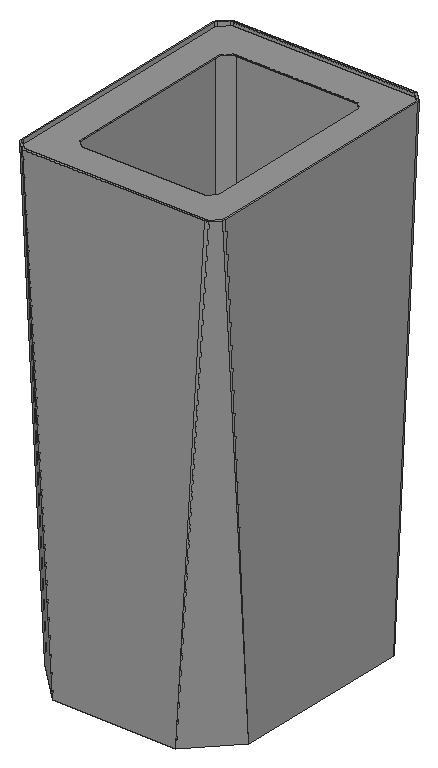
Revit family "KST-1814L-H-PL", category Furniture, Revit 2020
Family settings
  OmniClass Number = 23.40.20.00
  OmniClass Title = General Furniture and Specialties
  Work Plane-Based = No
  Always vertical = Yes
  Cut with Voids When Loaded = No
  Shared = No
  Room Calculation Point = No
Parameters (values of type "33" Tall - 14 x 18" - Planter")
  URL = "https://magnusongroup.com/products/planters/kasta.html"
  Top Material [instance] = RAL6011 GREEN
  Model = "KST-1814L-H-PL"
  Manufacturer = "Magnuson Group"
  Default Elevation = 0' - 0"
  Body Material [instance] = RAL7001 GREY
  33" Tall - 14x18 - Planter Opening = yes
  33" Tall - 14x18 - Planter = yes
Reference planes (in)
  plane 1 "Center Front/Back": y = 0
  plane 2: z = 0
  plane 3 "Center Left/Right": x = 0
  plane 4 "Bottom of Receptacle": z = 0.48416
  plane 5 "Bottom of Receptacle Void": z = 0.58572
Forms (in)
  SweptBlend 1, solid, material "RAL7001 GREY" <- "Body Material", visible <- "33" Tall - 14x18 - Planter"
    path origin (0, 0, 33.53416) x (-1, 0, 0) y (0, 0, -1)
      loop
        line (0, 0) -> (0, 33.05)
    profile origin (0, 0, 33.53416) x (0, -1, 0) y (1, 0, 0)
      loop
        line (-9, 6.22145) -> (-9, -6.22145)
        arc (-9, -6.22145) -> (-8.98097, -6.31712) -> (-8.92678, -6.39822) r 0.25
        line (-8.92678, -6.39822) -> (-8.39822, -6.92678)
        arc (-8.39822, -6.92678) -> (-8.31712, -6.98097) -> (-8.22145, -7) r 0.25
        line (-8.22145, -7) -> (8.22145, -7)
        arc (8.22145, -7) -> (8.31712, -6.98097) -> (8.39822, -6.92678) r 0.25
        line (8.39822, -6.92678) -> (8.92678, -6.39822)
        arc (8.92678, -6.39822) -> (8.98097, -6.31712) -> (9, -6.22145) r 0.25
        line (9, -6.22145) -> (9, 6.22145)
        arc (9, 6.22145) -> (8.98097, 6.31712) -> (8.92678, 6.39822) r 0.25
        line (8.92678, 6.39822) -> (8.39822, 6.92678)
        arc (8.39822, 6.92678) -> (8.31712, 6.98097) -> (8.22145, 7) r 0.25
        line (8.22145, 7) -> (-8.22145, 7)
        arc (-8.22145, 7) -> (-8.31712, 6.98097) -> (-8.39822, 6.92678) r 0.25
        line (-8.39822, 6.92678) -> (-8.92678, 6.39822)
        arc (-8.92678, 6.39822) -> (-8.98097, 6.31712) -> (-9, 6.22145) r 0.25
    end profile origin (0, 0, 0.48416) x (0, -1, 0) y (1, 0, 0)
      loop
        line (-9, 4.205) -> (-9, -4.205) -> (-6.205, -7) -> (6.205, -7) -> (9, -4.205) -> (9, 4.205) -> (6.205, 7) -> (-6.205, 7) -> (-9, 4.205)
  SweptBlend 2, void
    path origin (0, 0, 0.48416) x (1, 0, 0) y (0, 0, 1)
      loop
        line (0, 33.05) -> (0, 0.1)
    profile origin (0, 0, 33.53416) x (0, -1, 0) y (1, 0, 0)
      loop
        arc (-8.82521, 6.35615) -> (-8.87941, 6.27505) -> (-8.89844, 6.17938) r 0.25
        line (-8.89844, 6.17938) -> (-8.89844, -6.17938)
        arc (-8.89844, -6.17938) -> (-8.87941, -6.27505) -> (-8.82521, -6.35615) r 0.25
        line (-8.82521, -6.35615) -> (-8.35615, -6.82521)
        arc (-8.35615, -6.82521) -> (-8.27505, -6.87941) -> (-8.17938, -6.89844) r 0.25
        line (-8.17938, -6.89844) -> (8.17938, -6.89844)
        arc (8.17938, -6.89844) -> (8.27505, -6.87941) -> (8.35615, -6.82521) r 0.25
        line (8.35615, -6.82521) -> (8.82521, -6.35615)
        arc (8.82521, -6.35615) -> (8.87941, -6.27505) -> (8.89844, -6.17938) r 0.25
        line (8.89844, -6.17938) -> (8.89844, 6.17938)
        arc (8.89844, 6.17938) -> (8.87941, 6.27505) -> (8.82521, 6.35615) r 0.25
        line (8.82521, 6.35615) -> (8.35615, 6.82521)
        arc (8.35615, 6.82521) -> (8.27505, 6.87941) -> (8.17938, 6.89844) r 0.25
        line (8.17938, 6.89844) -> (-8.17938, 6.89844)
        arc (-8.17938, 6.89844) -> (-8.27505, 6.87941) -> (-8.35615, 6.82521) r 0.25
        line (-8.35615, 6.82521) -> (-8.82521, 6.35615)
    end profile origin (0, 0, 0.58416) x (0, -1, 0) y (1, 0, 0)
      loop
        line (8.89844, 4.16293) -> (6.16293, 6.89844) -> (-6.16293, 6.89844) -> (-9, 4.06137) -> (-9, -4.06137) -> (-6.16293, -6.89844) -> (6.16293, -6.89844) -> (8.89844, -4.16293) -> (8.89844, 4.16293)
  Extrusion 3, solid, material "RAL6011 GREEN" <- "Top Material", visible <- "33" Tall - 14x18 - Planter Opening"
    sketch origin (0, 0, 0.48416) x (0, -1, 0) y (1, 0, 0)
      loop
        line (-8.17938, -6.89844) -> (8.17938, -6.89844)
        arc (8.17938, -6.89844) -> (8.27505, -6.87941) -> (8.35615, -6.82521) r 0.25
        line (8.35615, -6.82521) -> (8.82521, -6.35615)
        arc (8.82521, -6.35615) -> (8.87941, -6.27505) -> (8.89844, -6.17938) r 0.25
        line (8.89844, -6.17938) -> (8.89844, 6.17938)
        arc (8.89844, 6.17938) -> (8.87941, 6.27505) -> (8.82521, 6.35615) r 0.25
        line (8.82521, 6.35615) -> (8.35615, 6.82521)
        arc (8.35615, 6.82521) -> (8.27505, 6.87941) -> (8.17938, 6.89844) r 0.25
        line (8.17938, 6.89844) -> (-8.17938, 6.89844)
        arc (-8.17938, 6.89844) -> (-8.27505, 6.87941) -> (-8.35615, 6.82521) r 0.25
        line (-8.35615, 6.82521) -> (-8.82521, 6.35615)
        arc (-8.82521, 6.35615) -> (-8.87941, 6.27505) -> (-8.89844, 6.17938) r 0.25
        line (-8.89844, 6.17938) -> (-8.89844, -6.17938)
        arc (-8.89844, -6.17938) -> (-8.87941, -6.27505) -> (-8.82521, -6.35615) r 0.25
        line (-8.82521, -6.35615) -> (-8.35615, -6.82521)
        arc (-8.35615, -6.82521) -> (-8.27505, -6.87941) -> (-8.17938, -6.89844) r 0.25
      loop
        line (-6.5, -4.25) -> (-6, -4.75) -> (6, -4.75) -> (6.5, -4.25) -> (6.5, 4.25) -> (6, 4.75) -> (-6, 4.75) -> (-6.5, 4.25) -> (-6.5, -4.25)
    from 32.73828 to 32.82031
  Extrusion 4, solid, material "RAL9011 BLACK", visible <- "33" Tall - 14x18 - Planter"
    sketch origin (0, 0, 0.48416) x (0, -1, 0) y (1, 0, 0)
      loop
        line (-6.25241, -5.35937) -> (6.25241, -5.35937) -> (7.10937, -4.50241) -> (7.10937, 4.50241) -> (6.25241, 5.35938) -> (-6.25241, 5.35938) -> (-7.10938, 4.50241) -> (-7.10938, -4.50241) -> (-6.25241, -5.35937)
      loop
        line (-6.20063, -5.23437) -> (6.20063, -5.23437) -> (6.98437, -4.45063) -> (6.98437, 4.45063) -> (6.20063, 5.23438) -> (-6.20063, 5.23438) -> (-6.98438, 4.45063) -> (-6.98438, -4.45063) -> (-6.20063, -5.23437)
    from 23.73828 to 32.72656
  Extrusion 5, solid, material "RAL9011 BLACK", visible <- "33" Tall - 14x18 - Planter"
    sketch origin (0, 0, 0.48416) x (0, -1, 0) y (1, 0, 0)
      loop
        line (-7.10938, -4.50241) -> (-6.25241, -5.35937) -> (6.25241, -5.35937) -> (7.10938, -4.50241) -> (7.10938, 4.50241) -> (6.25241, 5.35938) -> (-6.25241, 5.35938) -> (-7.10938, 4.50241) -> (-7.10938, -4.50241)
    from 23.73828 to 23.34239
  Extrusion 6, solid, material "RAL9011 BLACK"
    sketch origin (0, 0, 0) x (1, 0, 0) y (0, 1, 0)
      loop
        circle (-4.73437, 6.73438) r 0.31641
      loop
        circle (4.73438, 6.73438) r 0.31641
      loop
        circle (4.73438, -6.73437) r 0.31641
      loop
        circle (-4.73437, -6.73437) r 0.31641
    from 0 to 0.48416
Cuts and joins
  SweptBlend 2 cuts SweptBlend 1
Dimensions and locks (in)
  SweptBlend 1 sketch curve to profile plane to SweptBlend 1 sketch curve = 0' - 7", 0' - 7"  (x2)
  SweptBlend 1 sketch curve to profile plane to SweptBlend 1 sketch curve = 0' - 9", 0' - 9"  (x2)
  SweptBlend 1 sketch curve to SweptBlend 1 sketch curve = 0' - 8.41"
  SweptBlend 1 sketch curve to SweptBlend 1 sketch curve = 1' - 0.41"
  SweptBlend 1 sketch curve to SweptBlend 1 sketch curve = 1' - 0.44289"
  SweptBlend 1 sketch curve to profile plane to SweptBlend 1 sketch curve = 0' - 8.22145", 0' - 8.22145"
  Extrusion 3 sketch curve to Extrusion 3 sketch curve = 1' - 1"
  Extrusion 3 sketch curve to Extrusion 3 sketch curve = 0' - 9 1/2"
  Extrusion 3 sketch curve to Extrusion 3 sketch curve = 1' - 0"
  Extrusion 3 sketch curve to Extrusion 3 sketch curve = 0' - 8 1/2"
  aligned and locked: level to plane 2
